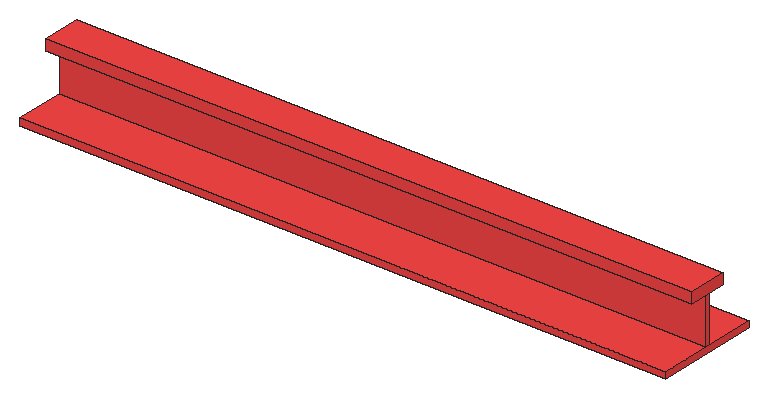
Revit family "GSY22", category Structural Framing, Revit 2018
Family settings
  Section Shape = Not Defined
  Material for Model Behavior = Other
  Always export as geometry = No
  OmniClass Number = 23.25.30.11.14.14
  OmniClass Title = Beams
  Always vertical = Yes
  Cut with Voids When Loaded = No
  Symbolic Representation = From Family
  Shared = No
  Show family pre-cut in plan views = Yes
Parameters (values of type "GSY22/15-40")
  t2 = 25 mm
  t1 = 40 mm
  hw = 180 mm
  d = 15 mm
  b2 = 400 mm
  b1 = 150 mm
  Structural Material [instance] = bips-Steel
  Manufacturer = "Give Steel A/S"
  Length [instance] = 3000 mm
Types (6, lengths in mm): name | b2 | b1 | Length
  (no name) | 400 | 150 | 3000
  GSY22/15-40 | 400 | 150 | 3000
  GSY22/18-43 | 430 | 180 | 3000
  GSY22/22-47 | 470 | 220 | 3000
  GSY22/27-52 | 520 | 270 | 3000
  GSY22/30-55 | 550 | 300 | 4000
Reference planes
  plane 1 "Center (Front/Back)": y = 0
  plane 2 "Center Elevation": z = 0
  plane 3 "Center (Left/Right)": x = 0
  plane 4 "Left": x = -1500
  plane 5 "Member Left": x = -1250
  plane 6 "Stick Symbol Left": x = -1000
  plane 7 "Right": x = 1500
  plane 8 "Member Right": x = 1250
  plane 9 "Stick Symbol Right": x = 1000
  plane 10: y = 75
  plane 11: y = -75
  plane 12: y = 200
  plane 13: y = -200
  plane 14: z = 142.5
  plane 15: z = 102.5
  plane 16: z = -102.5
  plane 17: z = -77.5
  plane 18: y = -7.5
  plane 19: y = 7.5
Forms (mm)
  Extrusion 1, solid, material "bips-Steel" <- "Structural Material"
    sketch origin (0, 0, 0) x (0, 1, 0) y (0, 0, 1)
      loop
        line (75, 142.5) -> (-75, 142.5) -> (-75, 102.5) -> (75, 102.5) -> (75, 142.5)
    from -1250 to 1250
  Extrusion 2, solid, material "bips-Steel" <- "Structural Material"
    sketch origin (0, 0, -90) x (0, 1, 0) y (0, 0, 1)
      loop
        line (7.5, 192.5) -> (-7.5, 192.5) -> (-7.5, 12.5) -> (7.5, 12.5) -> (7.5, 192.5)
    from -1250 to 1250
  Extrusion 3, solid, material "bips-Steel" <- "Structural Material"
    sketch origin (0, 0, -345) x (0, 1, 0) y (0, 0, 1)
      loop
        line (200, 267.5) -> (-200, 267.5) -> (-200, 242.5) -> (200, 242.5) -> (200, 267.5)
    from -1250 to 1250
Lines and regions (mm)
  model lines, style "Stick Symbols", detail levels coarse
    curve 1: line (-1000, 0, 0) -> (1000, 0, 0)
Dimensions and locks
  equal spacing: plane 4 "Left", plane 3 "Center (Left/Right)", plane 7 "Right"
  "Length": plane 4 "Left" to plane 7 "Right"
  equal spacing: plane 10, plane 1 "Center (Front/Back)", plane 11
  "b1": plane 10 to plane 11
  equal spacing: plane 12, plane 1 "Center (Front/Back)", plane 13
  "b2": plane 12 to plane 13
  "t1": plane 14 to plane 15
  "t2": plane 17 to plane 16
  equal spacing: plane 15, plane 2 "Center Elevation", plane 16
  equal spacing: plane 19, plane 1 "Center (Front/Back)", plane 18
  "d": plane 19 to plane 18
  "hw": plane 15 to plane 17
  aligned and locked: plane 5 "Member Left" to Extrusion 1
  aligned and locked: Extrusion 1 to plane 8 "Member Right"
  aligned and locked: plane 1 "Center (Front/Back)" to curve 1
  aligned and locked: plane 6 "Stick Symbol Left" to curve 1
  aligned and locked: plane 9 "Stick Symbol Right" to curve 1
  aligned and locked: level to plane 2 "Center Elevation"
  aligned and locked: Extrusion 1 sketch curve to plane 14
  aligned and locked: plane 10 to Extrusion 1 sketch curve
  aligned and locked: Extrusion 1 sketch curve to plane 11
  aligned and locked: Extrusion 2 sketch curve to plane 18
  aligned and locked: Extrusion 2 sketch curve to plane 19
  aligned and locked: Extrusion 2 sketch curve to plane 17
  aligned and locked: Extrusion 3 sketch curve to plane 16
  aligned and locked: Extrusion 3 sketch curve to plane 17
  aligned and locked: Extrusion 3 sketch curve to plane 13
  aligned and locked: plane 12 to Extrusion 3 sketch curve
  aligned and locked: Extrusion 2 sketch curve to plane 15
  aligned and locked: plane 5 "Member Left" to Extrusion 3
  aligned and locked: Extrusion 3 to plane 8 "Member Right"
  aligned and locked: Extrusion 2 to plane 8 "Member Right"
  aligned and locked: plane 5 "Member Left" to Extrusion 2
Automatic sketch dimensions
  Extrusion 1 sketch curve to plane 15 = 0 mm
